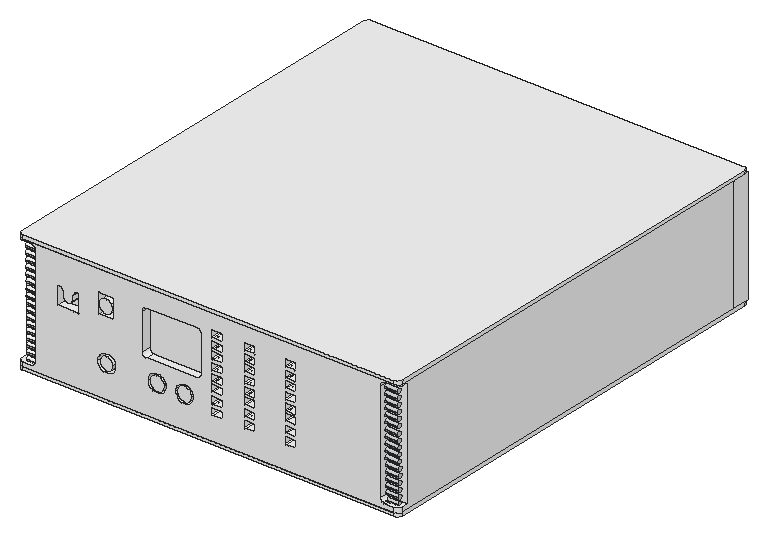
Revit family "RK-MCU", category Electrical Equipment, Revit 2016
Family settings
  Panel Configuration = Two Columns, Circuits Across
  Part Type = Panelboard
  Round Connector Dimension = Use Diameter
  OmniClass Number = 23.80.30.11.17
  OmniClass Title = Distribution Boards and Control Panels
  Work Plane-Based = No
  Always vertical = Yes
  Cut with Voids When Loaded = No
  Shared = No
  Room Calculation Point = No
Parameters
  voltage = "100V/70V"
  Weekly = ""
  Warranty ID = ""
  Type = ""
  Supply Phase = "3"
  Shipping Weight = ""
  Shape = ""
  Set Point Concentration = 0.00 m²
  Responsible Sourcing of Materials = "Endorsing body"
  Responsible Extraction of Materials = ""
  Reference Standard = ""
  Quarterly = ""
  Product Range = ""
  Product Model Number = "Or  Code"
  Product Literature = ""
  Power Source (if required) = ""
  Overall Width = 225 mm
  Overall Length = 240 mm
  Overall Height = 165 mm
  O&M Manual = "External data hyperconnection"
  Number of Poles = "3"
  Monthly = ""
  Material2 = cutout
  Material Ingredient Reporting = ""
  Material = Steel
  Manufacturer Website = "External data hyperconnection"
  Maintenance Required 8001-12000hrs = ""
  Maintenance Required 601-1000hrs = ""
  Maintenance Required 40001-8000hrs = ""
  Maintenance Required 301-600hrs = ""
  Maintenance Required 2001-4000hrs = ""
  Maintenance Required 1001-2000hrs = ""
  Maintenance Required 0-300hrs = ""
  Location of Manufacturer = "Northing,Easting"
  Life Cycle Analysis = "A - E"
  Gross Weight = "2.05Kg"
  Green Guide for Specification = "A - E"
  Frequency = "350 Hz ~ 12 kHz"
  Fire Control Panel Links = yes
  Finish = ""
  Features = "Free text to describe product"
  Expected Life = "*Years"
  Environmental Product Declaration = "3rd Party Verification"
  Energy Technology List = "External data hyperconnection"
  Enclosure Rating = "IP rating"
  Embodied Carbon = "kgCO2"
  Default elevation = 1219.2 mm
  Daily = ""
  Coverage Area = 0.056 m²
  Colour = ""
  CE Approval = "Number, Yes, No"
  Bespoke Timeframe = ""
  Battery Type = "e.g. Alkaline, Lithium Ion Rechargeable"
  Battery Supply = ""
  BMS Links = yes
  Annually = ""
  Access Clearance Top = 0 mm
  Access Clearance Right = 0 mm
  Access Clearance Rear = 0 mm
  Access Clearance Left = 0 mm
  Access Clearance Front = 0 mm
  Access Clearance Bottom = 0 mm
  6 Monthly = ""
Reference planes
  plane 1 "Center (Front/Back)": y = 0
  plane 2: z = 0
  plane 3 "Center (Left/Right)": x = 0
Dimensions and locks
  aligned and locked: level to plane 2
Nested families
  nested 1: "EN54" at (200, -180, 0), type "EN54"
Definition of nested family "EN54"
  Parameters (values of type "EN54")
    Material2 = none
    Material = none
    2 = 133.5 mm
    1 = 420 mm
  Reference planes
    plane 1 "Center (Front/Back)": y = 0
    plane 2: z = 0
    plane 3 "Center (Left/Right)": x = 0
    plane 4: y = 482
    plane 5: z = -133.5
    plane 6: x = -420
  Forms (mm)
    Extrusion 1, solid, material <- "Material2"
      sketch origin (0, 0, 0) x (1, 0, 0) y (0, 1, 0)
        loop
          arc (-420, 5) -> (-418.536, 1.464) -> (-415, 0) r 5
          line (-415, 0) -> (-5, 0)
          arc (-5, 0) -> (-1.464, 1.464) -> (0, 5) r 5
          line (0, 5) -> (0, 462) -> (-20, 462) -> (-20, 20) -> (-400, 20) -> (-400, 462) -> (-420, 462) -> (-420, 5)
      from -130.111 to -3.389
    Extrusion 2, solid, material <- "Material2"
      sketch origin (0, 0, 0) x (1, 0, 0) y (0, 1, 0)
        loop
          line (-5, 482) -> (-415, 482)
          arc (-415, 482) -> (-418.536, 480.536) -> (-420, 477) r 5
          line (-420, 477) -> (-420, 5)
          arc (-420, 5) -> (-418.536, 1.464) -> (-415, 0) r 5
          line (-415, 0) -> (-5, 0)
          arc (-5, 0) -> (-1.464, 1.464) -> (0, 5) r 5
          line (0, 5) -> (0, 477)
          arc (0, 477) -> (-1.464, 480.536) -> (-5, 482) r 5
      from -3.389 to 0
    Extrusion 3, solid, material <- "Material2"
      sketch origin (0, 0, -84.611) x (1, 0, 0) y (0, 1, 0)
        loop
          line (-5, 482) -> (-415, 482)
          arc (-415, 482) -> (-418.536, 480.536) -> (-420, 477) r 5
          line (-420, 477) -> (-420, 5)
          arc (-420, 5) -> (-418.536, 1.464) -> (-415, 0) r 5
          line (-415, 0) -> (-5, 0)
          arc (-5, 0) -> (-1.464, 1.464) -> (0, 5) r 5
          line (0, 5) -> (0, 477)
          arc (0, 477) -> (-1.464, 480.536) -> (-5, 482) r 5
      from -48.889 to -45.5
    Extrusion 4, void
      sketch origin (0, 0, -169.342) x (1, 0, 0) y (0, 0, 1)
        loop
          line (-422.572, 164.342) -> (-422.572, 43.942) -> (-405, 43.942)
          arc (-405, 43.942) -> (-401.464, 45.406) -> (-400, 48.942) r 5
          line (-400, 48.942) -> (-400, 159.342)
          arc (-400, 159.342) -> (-401.464, 162.877) -> (-405, 164.342) r 5
          line (-405, 164.342) -> (-422.572, 164.342)
      from -12.787 to 11.13
    Extrusion 5, void
      sketch origin (-407, 0, -169.342) x (-1, 0, 0) y (0, 0, -1)
        loop
          line (-409.572, -164.342) -> (-392, -164.342)
          arc (-392, -164.342) -> (-388.464, -162.877) -> (-387, -159.342) r 5
          line (-387, -159.342) -> (-387, -48.942)
          arc (-387, -48.942) -> (-388.464, -45.406) -> (-392, -43.942) r 5
          line (-392, -43.942) -> (-409.572, -43.942) -> (-409.572, -164.342)
      from -12.787 to 11.13
    Extrusion 6, solid
      sketch origin (0, -465.718, 0) x (0, 1, 0) y (0, 0, 1)
        loop
          circle (473.025, -55.509) r 2.052
        loop
          circle (473.025, -62.509) r 2.052
        loop
          circle (473.269, -69.505) r 2.052
        loop
          circle (473.269, -76.505) r 2.052
        loop
          circle (473.269, -83.505) r 2.052
        loop
          circle (473.635, -90.495) r 2.052
        loop
          circle (473.635, -97.495) r 2.052
        loop
          circle (473.635, -104.495) r 2.052
        loop
          circle (473.635, -111.495) r 2.052
        loop
          circle (473.635, -118.495) r 2.052
        loop
          circle (473.635, -125.495) r 2.052
        loop
          circle (472.476, -12.89) r 2.052
        loop
          circle (472.476, -19.89) r 2.052
        loop
          circle (472.72, -26.885) r 2.052
        loop
          circle (472.72, -33.885) r 2.052
        loop
          circle (472.72, -40.885) r 2.052
        loop
          circle (473.087, -47.876) r 2.052
      from -20 to -4.979
    Extrusion 7, solid, material <- "Material2"
      sketch origin (0, 0, 0) x (1, 0, 0) y (0, 0, 1)
        loop
          line (0, -3.389) -> (-420, -3.389) -> (-420, -130.111) -> (0, -130.111) -> (0, -3.389)
      from -482 to -462
    Extrusion 8, void
      sketch origin (-478.133, 0, -450.15) x (0, 0, -1) y (1, 0, 0)
        loop
          line (-372.468, 122.859) -> (-383.228, 114.452)
          arc (-383.228, 114.452) -> (-384.644, 112.704) -> (-385.15, 110.512) r 5
          line (-385.15, 110.512) -> (-385.15, 94.334)
          arc (-385.15, 94.334) -> (-384.544, 91.948) -> (-382.873, 90.14) r 5
          line (-382.873, 90.14) -> (-372.113, 83.153)
          arc (-372.113, 83.153) -> (-369.39, 82.346) -> (-366.666, 83.153) r 5
          line (-366.666, 83.153) -> (-355.906, 90.14)
          arc (-355.906, 90.14) -> (-354.235, 91.948) -> (-353.629, 94.334) r 5
          line (-353.629, 94.334) -> (-353.629, 110.512)
          arc (-353.629, 110.512) -> (-354.135, 112.704) -> (-355.551, 114.452) r 5
          line (-355.551, 114.452) -> (-366.311, 122.859)
          arc (-366.311, 122.859) -> (-369.39, 123.919) -> (-372.468, 122.859) r 5
        loop
          line (-360.236, 113.133) -> (-372.118, 113.133) -> (-372.118, 92.525) -> (-359.985, 92.525) -> (-356.521, 95.989) -> (-356.521, 109.418) -> (-360.236, 113.133)
        loop
          line (-373.82, 113.133) -> (-382.333, 113.133) -> (-382.333, 93.133) -> (-373.82, 93.133) -> (-373.82, 113.133)
        loop
          line (-365.984, 110.616) -> (-369.851, 110.616) -> (-369.851, 109.192) -> (-365.984, 109.192) -> (-365.984, 110.616)
        loop
          line (-365.984, 95.616) -> (-369.851, 95.616) -> (-369.851, 94.192) -> (-365.984, 94.192) -> (-365.984, 95.616)
        loop
          line (-358.281, 103.32) -> (-362.148, 103.32) -> (-362.148, 101.895) -> (-358.281, 101.895) -> (-358.281, 103.32)
        loop
          line (-355.807, 113.771) -> (-383.386, 113.771) -> (-383.386, 91.536) -> (-355.807, 91.536) -> (-355.807, 113.771)
      from -490.209 to -470.436
    Extrusion 9, void
      sketch origin (204.473, 0, -249.825) x (1, 0, 0) y (0, 0, 1)
        loop
          line (-346.066, 235.987) -> (-364.473, 235.987) -> (-364.473, 211.828) -> (-346.066, 211.828) -> (-346.066, 235.987)
        loop
          line (-349.606, 232.624) -> (-352.703, 232.624) -> (-352.703, 234.748) -> (-358.278, 234.748) -> (-358.278, 232.624) -> (-361.199, 232.624) -> (-361.199, 225.19) -> (-349.606, 225.19) -> (-349.606, 232.624)
        loop
          line (-349.606, 214.477) -> (-349.606, 221.91) -> (-361.199, 221.91) -> (-361.199, 214.477) -> (-358.278, 214.477) -> (-358.278, 212.353) -> (-352.703, 212.353) -> (-352.703, 214.477) -> (-349.606, 214.477)
        loop
          line (-367.394, 225.19) -> (-384.061, 225.19) -> (-384.061, 210.19) -> (-367.394, 210.19) -> (-367.394, 225.19)
        loop
          line (-369.579, 215.523) -> (-369.579, 222.957) -> (-381.171, 222.957) -> (-381.171, 215.523) -> (-378.251, 215.523) -> (-378.251, 213.4) -> (-372.676, 213.4) -> (-372.676, 215.523) -> (-369.579, 215.523)
      from -490.209 to -470.436
    Extrusion 10, void
      sketch origin (-75.611, 0, -424.107) x (1, 0, 0) y (0, 0, 1)
        loop
          line (-277.472, 312.584) -> (-287.389, 312.584) -> (-287.389, 315.897) -> (-291.002, 315.897) -> (-291.002, 312.584) -> (-310.542, 312.584) -> (-310.542, 315.897) -> (-314.155, 315.897) -> (-314.155, 312.584) -> (-320.037, 312.584) -> (-320.037, 300.049) -> (-277.472, 300.049) -> (-277.472, 312.584)
        loop
          line (-287.892, 301.239) -> (-287.892, 308.411) -> (-289.179, 308.411) -> (-289.179, 311.304) -> (-292.339, 311.304) -> (-292.339, 308.411) -> (-293.978, 308.411) -> (-293.978, 301.239) -> (-287.892, 301.239)
        loop
          line (-295.698, 301.239) -> (-295.698, 308.411) -> (-296.985, 308.411) -> (-296.985, 311.304) -> (-300.145, 311.304) -> (-300.145, 308.411) -> (-301.784, 308.411) -> (-301.784, 301.239) -> (-295.698, 301.239)
        loop
          line (-303.369, 301.239) -> (-303.369, 308.411) -> (-304.657, 308.411) -> (-304.657, 311.304) -> (-307.817, 311.304) -> (-307.817, 308.411) -> (-309.455, 308.411) -> (-309.455, 301.239) -> (-303.369, 301.239)
        loop
          line (-314.155, 308.403) -> (-317.518, 308.403) -> (-317.518, 304.775) -> (-314.155, 304.775) -> (-314.155, 308.403)
        loop
          line (-280.043, 308.147) -> (-283.406, 308.147) -> (-283.406, 304.519) -> (-280.043, 304.519) -> (-280.043, 308.147)
      from -490.209 to -470.436
    Extrusion 11, void
      sketch origin (176.179, 0, -425.019) x (1, 0, 0) y (0, 0, 1)
        loop
          line (-338.93, 311.868) -> (-351.346, 311.868) -> (-351.346, 304.133) -> (-338.93, 304.133) -> (-338.93, 311.868)
        loop
          line (-340.05, 311.054) -> (-350.05, 311.054) -> (-350.05, 305.456) -> (-340.05, 305.456) -> (-340.05, 311.054)
        loop
          line (-342.492, 308.916) -> (-344.324, 308.916) -> (-344.324, 307.085) -> (-342.492, 307.085) -> (-342.492, 308.916)
        loop
          line (-346.257, 308.916) -> (-347.988, 308.916) -> (-347.988, 307.085) -> (-346.257, 307.085) -> (-346.257, 308.916)
      from -490.209 to -470.436
    Extrusion 12, void
      sketch origin (223.7, 0, -133.896) x (1, 0, 0) y (0, 0, 1)
        loop
          line (-317.67, 14) -> (-317.67, 23.396) -> (-321.612, 23.396) -> (-321.612, 26.072) -> (-325.273, 26.072) -> (-325.273, 23.396) -> (-388.7, 23.396) -> (-388.7, 26.072) -> (-392.36, 26.072) -> (-392.36, 23.396) -> (-396.305, 23.396) -> (-396.305, 14) -> (-317.67, 14)
        loop
          line (-368.554, 21.723) -> (-372.597, 21.723) -> (-372.597, 19.586) -> (-371.401, 19.586) -> (-371.401, 15.21) -> (-369.876, 15.21) -> (-369.876, 19.586) -> (-368.554, 19.586) -> (-368.554, 21.723)
        loop
          line (-376.47, 21.723) -> (-380.513, 21.723) -> (-380.513, 19.586) -> (-379.317, 19.586) -> (-379.317, 15.21) -> (-377.793, 15.21) -> (-377.793, 19.586) -> (-376.47, 19.586) -> (-376.47, 21.723)
        loop
          line (-383.554, 21.723) -> (-387.597, 21.723) -> (-387.597, 19.586) -> (-386.401, 19.586) -> (-386.401, 15.21) -> (-384.876, 15.21) -> (-384.876, 19.586) -> (-383.554, 19.586) -> (-383.554, 21.723)
        loop
          line (-390.688, 21.723) -> (-394.731, 21.723) -> (-394.731, 19.586) -> (-393.535, 19.586) -> (-393.535, 15.21) -> (-392.01, 15.21) -> (-392.01, 19.586) -> (-390.688, 19.586) -> (-390.688, 21.723)
        loop
          line (-338.554, 21.723) -> (-342.597, 21.723) -> (-342.597, 19.586) -> (-341.401, 19.586) -> (-341.401, 15.21) -> (-339.876, 15.21) -> (-339.876, 19.586) -> (-338.554, 19.586) -> (-338.554, 21.723)
        loop
          line (-346.47, 21.723) -> (-350.513, 21.723) -> (-350.513, 19.586) -> (-349.317, 19.586) -> (-349.317, 15.21) -> (-347.793, 15.21) -> (-347.793, 19.586) -> (-346.47, 19.586) -> (-346.47, 21.723)
        loop
          line (-353.554, 21.723) -> (-357.597, 21.723) -> (-357.597, 19.586) -> (-356.401, 19.586) -> (-356.401, 15.21) -> (-354.876, 15.21) -> (-354.876, 19.586) -> (-353.554, 19.586) -> (-353.554, 21.723)
        loop
          line (-360.688, 21.723) -> (-364.731, 21.723) -> (-364.731, 19.586) -> (-363.535, 19.586) -> (-363.535, 15.21) -> (-362.01, 15.21) -> (-362.01, 19.586) -> (-360.688, 19.586) -> (-360.688, 21.723)
        loop
          line (-330.157, 21.723) -> (-334.2, 21.723) -> (-334.2, 19.586) -> (-333.005, 19.586) -> (-333.005, 15.21) -> (-331.48, 15.21) -> (-331.48, 19.586) -> (-330.157, 19.586) -> (-330.157, 21.723)
        loop
          line (-320.813, 21.723) -> (-324.856, 21.723) -> (-324.856, 19.586) -> (-323.66, 19.586) -> (-323.66, 15.21) -> (-322.135, 15.21) -> (-322.135, 19.586) -> (-320.813, 19.586) -> (-320.813, 21.723)
        loop
          line (-235.59, 14) -> (-235.59, 23.396) -> (-239.533, 23.396) -> (-239.533, 26.072) -> (-243.193, 26.072) -> (-243.193, 23.396) -> (-306.62, 23.396) -> (-306.62, 26.072) -> (-310.28, 26.072) -> (-310.28, 23.396) -> (-314.226, 23.396) -> (-314.226, 14) -> (-235.59, 14)
        loop
          line (-286.474, 21.723) -> (-290.517, 21.723) -> (-290.517, 19.586) -> (-289.321, 19.586) -> (-289.321, 15.21) -> (-287.797, 15.21) -> (-287.797, 19.586) -> (-286.474, 19.586) -> (-286.474, 21.723)
        loop
          line (-294.391, 21.723) -> (-298.434, 21.723) -> (-298.434, 19.586) -> (-297.238, 19.586) -> (-297.238, 15.21) -> (-295.713, 15.21) -> (-295.713, 19.586) -> (-294.391, 19.586) -> (-294.391, 21.723)
        loop
          line (-301.474, 21.723) -> (-305.517, 21.723) -> (-305.517, 19.586) -> (-304.321, 19.586) -> (-304.321, 15.21) -> (-302.797, 15.21) -> (-302.797, 19.586) -> (-301.474, 19.586) -> (-301.474, 21.723)
        loop
          line (-308.608, 21.723) -> (-312.651, 21.723) -> (-312.651, 19.586) -> (-311.455, 19.586) -> (-311.455, 15.21) -> (-309.931, 15.21) -> (-309.931, 19.586) -> (-308.608, 19.586) -> (-308.608, 21.723)
        loop
          line (-256.474, 21.723) -> (-260.517, 21.723) -> (-260.517, 19.586) -> (-259.321, 19.586) -> (-259.321, 15.21) -> (-257.797, 15.21) -> (-257.797, 19.586) -> (-256.474, 19.586) -> (-256.474, 21.723)
        loop
          line (-264.391, 21.723) -> (-268.434, 21.723) -> (-268.434, 19.586) -> (-267.238, 19.586) -> (-267.238, 15.21) -> (-265.713, 15.21) -> (-265.713, 19.586) -> (-264.391, 19.586) -> (-264.391, 21.723)
        loop
          line (-271.474, 21.723) -> (-275.517, 21.723) -> (-275.517, 19.586) -> (-274.321, 19.586) -> (-274.321, 15.21) -> (-272.797, 15.21) -> (-272.797, 19.586) -> (-271.474, 19.586) -> (-271.474, 21.723)
        loop
          line (-278.608, 21.723) -> (-282.651, 21.723) -> (-282.651, 19.586) -> (-281.455, 19.586) -> (-281.455, 15.21) -> (-279.931, 15.21) -> (-279.931, 19.586) -> (-278.608, 19.586) -> (-278.608, 21.723)
        loop
          line (-248.078, 21.723) -> (-252.121, 21.723) -> (-252.121, 19.586) -> (-250.925, 19.586) -> (-250.925, 15.21) -> (-249.4, 15.21) -> (-249.4, 19.586) -> (-248.078, 19.586) -> (-248.078, 21.723)
        loop
          line (-238.733, 21.723) -> (-242.776, 21.723) -> (-242.776, 19.586) -> (-241.58, 19.586) -> (-241.58, 15.21) -> (-240.056, 15.21) -> (-240.056, 19.586) -> (-238.733, 19.586) -> (-238.733, 21.723)
      from -542.124 to -467.816
    Extrusion 13, void
      sketch origin (142.473, 0, -246.828) x (1, 0, 0) y (0, 0, 1)
        loop
          line (-359.066, 235.987) -> (-377.473, 235.987) -> (-377.473, 211.828) -> (-359.066, 211.828) -> (-359.066, 235.987)
        loop
          line (-362.606, 232.624) -> (-365.703, 232.624) -> (-365.703, 234.748) -> (-371.278, 234.748) -> (-371.278, 232.624) -> (-374.199, 232.624) -> (-374.199, 225.19) -> (-362.606, 225.19) -> (-362.606, 232.624)
        loop
          line (-362.606, 214.477) -> (-362.606, 221.91) -> (-374.199, 221.91) -> (-374.199, 214.477) -> (-371.278, 214.477) -> (-371.278, 212.353) -> (-365.703, 212.353) -> (-365.703, 214.477) -> (-362.606, 214.477)
      from -490.209 to -470.436
    Extrusion 14, void
      sketch origin (329.828, 0, -14.451) x (1, 0, 0) y (0, 0, 1)
        loop
          circle (-345.286, 1.084) r 5
        loop
          circle (-345.286, 1.084) r 2.688
        loop
          circle (-357.92, 1.084) r 5
        loop
          circle (-357.92, 1.084) r 2.688
        loop
          circle (-370.688, 1.084) r 5
        loop
          circle (-370.688, 1.084) r 2.688
        loop
          circle (-345.286, -12.733) r 5
        loop
          circle (-345.286, -12.733) r 2.688
        loop
          circle (-357.92, -12.733) r 5
        loop
          circle (-357.92, -12.733) r 2.688
        loop
          circle (-370.688, -12.733) r 5
        loop
          circle (-370.688, -12.733) r 2.688
        loop
          circle (-385.228, 1.084) r 5
        loop
          circle (-385.228, 1.084) r 2.688
        loop
          circle (-397.996, 1.084) r 5
        loop
          circle (-397.996, 1.084) r 2.688
        loop
          circle (-385.228, -12.733) r 5
        loop
          circle (-385.228, -12.733) r 2.688
        loop
          circle (-397.996, -12.733) r 5
        loop
          circle (-397.996, -12.733) r 2.688
        loop
          circle (-429.753, -5.794) r 10
        loop
          circle (-429.753, -5.794) r 5
      from -490.209 to -470.436
    Extrusion 15, void
      sketch origin (337.824, 0, -275.937) x (1, 0, 0) y (0, 0, 1)
        loop
          line (-351.494, 232.73) -> (-372.824, 232.73) -> (-372.824, 210.937) -> (-351.494, 210.937) -> (-351.494, 232.73)
        loop
          line (-375.452, 232.73) -> (-398.019, 232.73) -> (-398.019, 210.937) -> (-375.452, 210.937) -> (-375.452, 232.73)
        loop
          line (-399.873, 232.73) -> (-436.97, 232.73) -> (-436.97, 210.937) -> (-399.873, 210.937) -> (-399.873, 232.73)
        loop
          line (-354.709, 225.421) -> (-355.656, 225.421) -> (-355.656, 229.44) -> (-356.799, 229.44) -> (-356.799, 225.421) -> (-357.748, 225.421) -> (-357.748, 222.732) -> (-354.709, 222.732) -> (-354.709, 225.421)
        loop
          line (-401.659, 229.339) -> (-403.931, 229.339) -> (-403.931, 226.933) -> (-401.659, 226.933) -> (-401.659, 229.339)
        loop
          line (-405.067, 229.339) -> (-407.339, 229.339) -> (-407.339, 226.933) -> (-405.067, 226.933) -> (-405.067, 229.339)
        loop
          line (-408.074, 229.339) -> (-410.346, 229.339) -> (-410.346, 226.933) -> (-408.074, 226.933) -> (-408.074, 229.339)
        loop
          line (-411.214, 229.339) -> (-413.486, 229.339) -> (-413.486, 226.933) -> (-411.214, 226.933) -> (-411.214, 229.339)
        loop
          line (-414.489, 229.339) -> (-416.761, 229.339) -> (-416.761, 226.933) -> (-414.489, 226.933) -> (-414.489, 229.339)
        loop
          line (-417.228, 229.339) -> (-419.5, 229.339) -> (-419.5, 226.933) -> (-417.228, 226.933) -> (-417.228, 229.339)
        loop
          line (-420.636, 229.339) -> (-422.908, 229.339) -> (-422.908, 226.933) -> (-420.636, 226.933) -> (-420.636, 229.339)
        loop
          line (-423.844, 229.339) -> (-426.116, 229.339) -> (-426.116, 226.933) -> (-423.844, 226.933) -> (-423.844, 229.339)
        loop
          line (-427.458, 229.339) -> (-429.73, 229.339) -> (-429.73, 226.933) -> (-427.458, 226.933) -> (-427.458, 229.339)
        loop
          line (-431.146, 229.339) -> (-433.418, 229.339) -> (-433.418, 226.933) -> (-431.146, 226.933) -> (-431.146, 229.339)
        loop
          line (-401.659, 217.236) -> (-403.931, 217.236) -> (-403.931, 214.83) -> (-401.659, 214.83) -> (-401.659, 217.236)
        loop
          line (-405.067, 217.236) -> (-407.339, 217.236) -> (-407.339, 214.83) -> (-405.067, 214.83) -> (-405.067, 217.236)
        loop
          line (-408.074, 217.236) -> (-410.346, 217.236) -> (-410.346, 214.83) -> (-408.074, 214.83) -> (-408.074, 217.236)
        loop
          line (-411.214, 217.236) -> (-413.486, 217.236) -> (-413.486, 214.83) -> (-411.214, 214.83) -> (-411.214, 217.236)
        loop
          line (-414.489, 217.236) -> (-416.761, 217.236) -> (-416.761, 214.83) -> (-414.489, 214.83) -> (-414.489, 217.236)
        loop
          line (-417.228, 217.236) -> (-419.5, 217.236) -> (-419.5, 214.83) -> (-417.228, 214.83) -> (-417.228, 217.236)
        loop
          line (-420.636, 217.236) -> (-422.908, 217.236) -> (-422.908, 214.83) -> (-420.636, 214.83) -> (-420.636, 217.236)
        loop
          line (-423.844, 217.236) -> (-426.116, 217.236) -> (-426.116, 214.83) -> (-423.844, 214.83) -> (-423.844, 217.236)
        loop
          line (-427.458, 217.236) -> (-429.73, 217.236) -> (-429.73, 214.83) -> (-427.458, 214.83) -> (-427.458, 217.236)
        loop
          line (-431.146, 217.236) -> (-433.418, 217.236) -> (-433.418, 214.83) -> (-431.146, 214.83) -> (-431.146, 217.236)
        loop
          line (-360.953, 225.421) -> (-361.9, 225.421) -> (-361.9, 229.44) -> (-363.042, 229.44) -> (-363.042, 225.421) -> (-363.991, 225.421) -> (-363.991, 222.732) -> (-360.953, 222.732) -> (-360.953, 225.421)
        loop
          line (-366.913, 225.421) -> (-367.86, 225.421) -> (-367.86, 229.44) -> (-369.002, 229.44) -> (-369.002, 225.421) -> (-369.952, 225.421) -> (-369.952, 222.732) -> (-366.913, 222.732) -> (-366.913, 225.421)
        loop
          line (-354.709, 217.591) -> (-354.709, 220.279) -> (-357.748, 220.279) -> (-357.748, 217.591) -> (-356.799, 217.591) -> (-356.799, 213.571) -> (-355.656, 213.571) -> (-355.656, 217.591) -> (-354.709, 217.591)
        loop
          line (-360.953, 217.591) -> (-360.953, 220.279) -> (-363.991, 220.279) -> (-363.991, 217.591) -> (-363.042, 217.591) -> (-363.042, 213.571) -> (-361.9, 213.571) -> (-361.9, 217.591) -> (-360.953, 217.591)
        loop
          line (-366.913, 217.591) -> (-366.913, 220.279) -> (-369.952, 220.279) -> (-369.952, 217.591) -> (-369.002, 217.591) -> (-369.002, 213.571) -> (-367.86, 213.571) -> (-367.86, 217.591) -> (-366.913, 217.591)
        loop
          line (-378.954, 225.421) -> (-379.901, 225.421) -> (-379.901, 229.44) -> (-381.043, 229.44) -> (-381.043, 225.421) -> (-381.993, 225.421) -> (-381.993, 222.732) -> (-378.954, 222.732) -> (-378.954, 225.421)
        loop
          line (-385.197, 225.421) -> (-386.144, 225.421) -> (-386.144, 229.44) -> (-387.287, 229.44) -> (-387.287, 225.421) -> (-388.236, 225.421) -> (-388.236, 222.732) -> (-385.197, 222.732) -> (-385.197, 225.421)
        loop
          line (-391.157, 225.421) -> (-392.104, 225.421) -> (-392.104, 229.44) -> (-393.247, 229.44) -> (-393.247, 225.421) -> (-394.196, 225.421) -> (-394.196, 222.732) -> (-391.157, 222.732) -> (-391.157, 225.421)
        loop
          line (-378.954, 217.591) -> (-378.954, 220.279) -> (-381.993, 220.279) -> (-381.993, 217.591) -> (-381.043, 217.591) -> (-381.043, 213.571) -> (-379.901, 213.571) -> (-379.901, 217.591) -> (-378.954, 217.591)
        loop
          line (-385.197, 217.591) -> (-385.197, 220.279) -> (-388.236, 220.279) -> (-388.236, 217.591) -> (-387.287, 217.591) -> (-387.287, 213.571) -> (-386.144, 213.571) -> (-386.144, 217.591) -> (-385.197, 217.591)
        loop
          line (-391.157, 217.591) -> (-391.157, 220.279) -> (-394.196, 220.279) -> (-394.196, 217.591) -> (-393.247, 217.591) -> (-393.247, 213.571) -> (-392.104, 213.571) -> (-392.104, 217.591) -> (-391.157, 217.591)
        loop
          line (-439.317, 232.73) -> (-460.939, 232.73) -> (-460.939, 210.937) -> (-439.317, 210.937) -> (-439.317, 232.73)
        loop
          line (-441.103, 229.339) -> (-443.375, 229.339) -> (-443.375, 226.933) -> (-441.103, 226.933) -> (-441.103, 229.339)
        loop
          line (-444.511, 229.339) -> (-446.783, 229.339) -> (-446.783, 226.933) -> (-444.511, 226.933) -> (-444.511, 229.339)
        loop
          line (-447.518, 229.339) -> (-449.79, 229.339) -> (-449.79, 226.933) -> (-447.518, 226.933) -> (-447.518, 229.339)
        loop
          line (-450.658, 229.339) -> (-452.93, 229.339) -> (-452.93, 226.933) -> (-450.658, 226.933) -> (-450.658, 229.339)
        loop
          line (-453.933, 229.339) -> (-456.205, 229.339) -> (-456.205, 226.933) -> (-453.933, 226.933) -> (-453.933, 229.339)
        loop
          line (-456.672, 229.339) -> (-458.944, 229.339) -> (-458.944, 226.933) -> (-456.672, 226.933) -> (-456.672, 229.339)
        loop
          line (-441.103, 217.236) -> (-443.375, 217.236) -> (-443.375, 214.83) -> (-441.103, 214.83) -> (-441.103, 217.236)
        loop
          line (-444.511, 217.236) -> (-446.783, 217.236) -> (-446.783, 214.83) -> (-444.511, 214.83) -> (-444.511, 217.236)
        loop
          line (-447.518, 217.236) -> (-449.79, 217.236) -> (-449.79, 214.83) -> (-447.518, 214.83) -> (-447.518, 217.236)
        loop
          line (-450.658, 217.236) -> (-452.93, 217.236) -> (-452.93, 214.83) -> (-450.658, 214.83) -> (-450.658, 217.236)
        loop
          line (-453.933, 217.236) -> (-456.205, 217.236) -> (-456.205, 214.83) -> (-453.933, 214.83) -> (-453.933, 217.236)
        loop
          line (-456.672, 217.236) -> (-458.944, 217.236) -> (-458.944, 214.83) -> (-456.672, 214.83) -> (-456.672, 217.236)
      from -490.209 to -470.436
    Extrusion 16, void
      sketch origin (79.389, 0, -409.353) x (1, 0, 0) y (0, 0, 1)
        loop
          line (-277.472, 312.584) -> (-287.389, 312.584) -> (-287.389, 315.897) -> (-291.002, 315.897) -> (-291.002, 312.584) -> (-310.542, 312.584) -> (-310.542, 315.897) -> (-314.155, 315.897) -> (-314.155, 312.584) -> (-320.037, 312.584) -> (-320.037, 302.894) -> (-277.472, 302.894) -> (-277.472, 312.584)
        loop
          line (-314.155, 308.403) -> (-317.518, 308.403) -> (-317.518, 304.775) -> (-314.155, 304.775) -> (-314.155, 308.403)
        loop
          line (-280.043, 308.147) -> (-283.406, 308.147) -> (-283.406, 304.519) -> (-280.043, 304.519) -> (-280.043, 308.147)
        loop
          line (-287.221, 308.147) -> (-290.584, 308.147) -> (-290.584, 304.519) -> (-287.221, 304.519) -> (-287.221, 308.147)
        loop
          line (-294.194, 308.147) -> (-297.557, 308.147) -> (-297.557, 304.519) -> (-294.194, 304.519) -> (-294.194, 308.147)
        loop
          line (-301.117, 308.147) -> (-304.479, 308.147) -> (-304.479, 304.519) -> (-301.117, 304.519) -> (-301.117, 308.147)
        loop
          line (-307.179, 308.147) -> (-310.542, 308.147) -> (-310.542, 304.519) -> (-307.179, 304.519) -> (-307.179, 308.147)
      from -490.209 to -470.436
    Extrusion 17, void
      sketch origin (79.389, 0, 283.766) x (1, 0, 0) y (0, 0, 1)
        loop
          line (-277.472, -403.584) -> (-277.472, -393.894) -> (-320.037, -393.894) -> (-320.037, -403.584) -> (-314.155, -403.584) -> (-314.155, -406.897) -> (-310.542, -406.897) -> (-310.542, -403.584) -> (-291.002, -403.584) -> (-291.002, -406.897) -> (-287.389, -406.897) -> (-287.389, -403.584) -> (-277.472, -403.584)
        loop
          line (-314.155, -399.403) -> (-314.155, -395.775) -> (-317.518, -395.775) -> (-317.518, -399.403) -> (-314.155, -399.403)
        loop
          line (-280.043, -399.147) -> (-280.043, -395.519) -> (-283.406, -395.519) -> (-283.406, -399.147) -> (-280.043, -399.147)
        loop
          line (-287.221, -399.147) -> (-287.221, -395.519) -> (-290.584, -395.519) -> (-290.584, -399.147) -> (-287.221, -399.147)
        loop
          line (-294.194, -399.147) -> (-294.194, -395.519) -> (-297.557, -395.519) -> (-297.557, -399.147) -> (-294.194, -399.147)
        loop
          line (-301.117, -399.147) -> (-301.117, -395.519) -> (-304.479, -395.519) -> (-304.479, -399.147) -> (-301.117, -399.147)
        loop
          line (-307.179, -399.147) -> (-307.179, -395.519) -> (-310.542, -395.519) -> (-310.542, -399.147) -> (-307.179, -399.147)
      from -490.209 to -470.436
    Extrusion 18, void
      sketch origin (-6.19, 0, -247.495) x (1, 0, 0) y (0, 0, 1)
        loop
          line (-357.124, 236.109) -> (-378.81, 236.109) -> (-378.81, 216.109) -> (-357.124, 216.109) -> (-357.124, 236.109)
        loop
          line (-359.791, 233.799) -> (-377.388, 233.799) -> (-377.388, 218.799) -> (-359.791, 218.799) -> (-359.791, 233.799)
      from -490.209 to -470.436
    Revolve 19, solid, material <- "Material"
      sketch origin (-397.065, -5.752, -63.492) x (0, 1, 0) y (0, 0, 1)
        loop
          line (490.23, -55.86) -> (490.23, -53.527)
          arc (490.23, -53.527) -> (489.816, -52.528) -> (488.816, -52.113) r 1.414
          line (488.816, -52.113) -> (487.717, -52.113) -> (487.18, -54.117) -> (480.23, -54.117) -> (480.23, -55.86) -> (490.23, -55.86)
        axis (490.23, -55.86) -> (480.23, -55.86)
      angle from 0 to 360
    Revolve 20, solid, material <- "Material"
      sketch origin (-397.065, -5.752, -46.815) x (0, 1, 0) y (0, 0, 1)
        loop
          line (490.23, -55.86) -> (490.23, -53.527)
          arc (490.23, -53.527) -> (489.816, -52.528) -> (488.816, -52.113) r 1.414
          line (488.816, -52.113) -> (487.717, -52.113) -> (487.18, -54.117) -> (480.23, -54.117) -> (480.23, -55.86) -> (490.23, -55.86)
        axis (490.23, -55.86) -> (480.23, -55.86)
      angle from 0 to 360
    Extrusion 21, solid, material <- "Material2"
      sketch origin (-420, -465.718, 0) x (0, 1, 0) y (0, 0, -1)
        loop
          circle (473.025, 55.509) r 2.052
        loop
          circle (473.025, 62.509) r 2.052
        loop
          circle (473.269, 69.505) r 2.052
        loop
          circle (473.269, 76.505) r 2.052
        loop
          circle (473.269, 83.505) r 2.052
        loop
          circle (473.635, 90.495) r 2.052
        loop
          circle (473.635, 97.495) r 2.052
        loop
          circle (473.635, 104.495) r 2.052
        loop
          circle (473.635, 111.495) r 2.052
        loop
          circle (473.635, 118.495) r 2.052
        loop
          circle (473.635, 125.495) r 2.052
        loop
          circle (472.476, 12.89) r 2.052
        loop
          circle (472.476, 19.89) r 2.052
        loop
          circle (472.72, 26.885) r 2.052
        loop
          circle (472.72, 33.885) r 2.052
        loop
          circle (472.72, 40.885) r 2.052
        loop
          circle (473.087, 47.876) r 2.052
      from -20 to -4.979
    Extrusion 22, void
      sketch origin (-1.474, -480.323, -158.133) x (1, 0, 0) y (0, 0, 1)
        loop
          line (-374.843, 122.562) -> (-374.843, 102.562) -> (-351.014, 102.562) -> (-351.014, 122.562) -> (-354.985, 122.562) -> (-358.319, 117.801) -> (-358.319, 111.894)
          arc (-358.319, 111.894) -> (-362.928, 108.778) -> (-367.538, 111.894) r 4.968
          line (-367.538, 111.894) -> (-367.538, 117.801) -> (-370.871, 122.562) -> (-374.843, 122.562)
        loop
          line (-329.114, 131.964) -> (-329.114, 109.628) -> (-312.542, 109.628) -> (-312.542, 131.964) -> (-329.114, 131.964)
        loop
          circle (-321.188, 119.896) r 7.29
        loop
          circle (-320.233, 63.877) r 10
        loop
          circle (-320.233, 63.877) r 6.891
        loop
          circle (-264.504, 63.696) r 10
        loop
          circle (-264.504, 63.696) r 7.663
        loop
          circle (-234.504, 63.696) r 10
        loop
          circle (-234.504, 63.696) r 7.663
        loop
          arc (-276.154, 134.561) -> (-279.69, 133.097) -> (-281.154, 129.561) r 5
          line (-281.154, 129.561) -> (-281.154, 89.561)
          arc (-281.154, 89.561) -> (-279.69, 86.026) -> (-276.154, 84.561) r 5
          line (-276.154, 84.561) -> (-221.154, 84.561)
          arc (-221.154, 84.561) -> (-217.619, 86.026) -> (-216.154, 89.561) r 5
          line (-216.154, 89.561) -> (-216.154, 129.561)
          arc (-216.154, 129.561) -> (-217.619, 133.097) -> (-221.154, 134.561) r 5
          line (-221.154, 134.561) -> (-276.154, 134.561)
        loop
          arc (-203.675, 138.217) -> (-204.382, 137.924) -> (-204.675, 137.217) r 1
          line (-204.675, 137.217) -> (-204.675, 131.072)
          arc (-204.675, 131.072) -> (-204.382, 130.365) -> (-203.675, 130.072) r 1
          line (-203.675, 130.072) -> (-193.927, 130.072)
          arc (-193.927, 130.072) -> (-193.22, 130.365) -> (-192.927, 131.072) r 1
          line (-192.927, 131.072) -> (-192.927, 137.217)
          arc (-192.927, 137.217) -> (-193.22, 137.924) -> (-193.927, 138.217) r 1
          line (-193.927, 138.217) -> (-203.675, 138.217)
        loop
          arc (-203.675, 127.041) -> (-204.382, 126.748) -> (-204.675, 126.041) r 1
          line (-204.675, 126.041) -> (-204.675, 119.896)
          arc (-204.675, 119.896) -> (-204.382, 119.189) -> (-203.675, 118.896) r 1
          line (-203.675, 118.896) -> (-193.927, 118.896)
          arc (-193.927, 118.896) -> (-193.22, 119.189) -> (-192.927, 119.896) r 1
          line (-192.927, 119.896) -> (-192.927, 126.041)
          arc (-192.927, 126.041) -> (-193.22, 126.748) -> (-193.927, 127.041) r 1
          line (-193.927, 127.041) -> (-203.675, 127.041)
        loop
          arc (-203.675, 117.041) -> (-204.382, 116.748) -> (-204.675, 116.041) r 1
          line (-204.675, 116.041) -> (-204.675, 109.896)
          arc (-204.675, 109.896) -> (-204.382, 109.189) -> (-203.675, 108.896) r 1
          line (-203.675, 108.896) -> (-193.927, 108.896)
          arc (-193.927, 108.896) -> (-193.22, 109.189) -> (-192.927, 109.896) r 1
          line (-192.927, 109.896) -> (-192.927, 116.041)
          arc (-192.927, 116.041) -> (-193.22, 116.748) -> (-193.927, 117.041) r 1
          line (-193.927, 117.041) -> (-203.675, 117.041)
        loop
          arc (-203.675, 105.786) -> (-204.382, 105.493) -> (-204.675, 104.786) r 1
          line (-204.675, 104.786) -> (-204.675, 98.641)
          arc (-204.675, 98.641) -> (-204.382, 97.934) -> (-203.675, 97.641) r 1
          line (-203.675, 97.641) -> (-193.927, 97.641)
          arc (-193.927, 97.641) -> (-193.22, 97.934) -> (-192.927, 98.641) r 1
          line (-192.927, 98.641) -> (-192.927, 104.786)
          arc (-192.927, 104.786) -> (-193.22, 105.493) -> (-193.927, 105.786) r 1
          line (-193.927, 105.786) -> (-203.675, 105.786)
        loop
          arc (-203.675, 94.618) -> (-204.382, 94.326) -> (-204.675, 93.618) r 1
          line (-204.675, 93.618) -> (-204.675, 87.474)
          arc (-204.675, 87.474) -> (-204.382, 86.767) -> (-203.675, 86.474) r 1
          line (-203.675, 86.474) -> (-193.927, 86.474)
          arc (-193.927, 86.474) -> (-193.22, 86.767) -> (-192.927, 87.474) r 1
          line (-192.927, 87.474) -> (-192.927, 93.618)
          arc (-192.927, 93.618) -> (-193.22, 94.326) -> (-193.927, 94.618) r 1
          line (-193.927, 94.618) -> (-203.675, 94.618)
        loop
          arc (-203.675, 84.618) -> (-204.382, 84.326) -> (-204.675, 83.618) r 1
          line (-204.675, 83.618) -> (-204.675, 77.474)
          arc (-204.675, 77.474) -> (-204.382, 76.767) -> (-203.675, 76.474) r 1
          line (-203.675, 76.474) -> (-193.927, 76.474)
          arc (-193.927, 76.474) -> (-193.22, 76.767) -> (-192.927, 77.474) r 1
          line (-192.927, 77.474) -> (-192.927, 83.618)
          arc (-192.927, 83.618) -> (-193.22, 84.326) -> (-193.927, 84.618) r 1
          line (-193.927, 84.618) -> (-203.675, 84.618)
        loop
          arc (-203.675, 72.643) -> (-204.382, 72.35) -> (-204.675, 71.643) r 1
          line (-204.675, 71.643) -> (-204.675, 65.498)
          arc (-204.675, 65.498) -> (-204.382, 64.791) -> (-203.675, 64.498) r 1
          line (-203.675, 64.498) -> (-193.927, 64.498)
          arc (-193.927, 64.498) -> (-193.22, 64.791) -> (-192.927, 65.498) r 1
          line (-192.927, 65.498) -> (-192.927, 71.643)
          arc (-192.927, 71.643) -> (-193.22, 72.35) -> (-193.927, 72.643) r 1
          line (-193.927, 72.643) -> (-203.675, 72.643)
        loop
          arc (-203.675, 61.475) -> (-204.382, 61.182) -> (-204.675, 60.475) r 1
          line (-204.675, 60.475) -> (-204.675, 54.331)
          arc (-204.675, 54.331) -> (-204.382, 53.623) -> (-203.675, 53.331) r 1
          line (-203.675, 53.331) -> (-193.927, 53.331)
          arc (-193.927, 53.331) -> (-193.22, 53.623) -> (-192.927, 54.331) r 1
          line (-192.927, 54.331) -> (-192.927, 60.475)
          arc (-192.927, 60.475) -> (-193.22, 61.182) -> (-193.927, 61.475) r 1
          line (-193.927, 61.475) -> (-203.675, 61.475)
        loop
          arc (-167.54, 138.217) -> (-168.247, 137.924) -> (-168.54, 137.217) r 1
          line (-168.54, 137.217) -> (-168.54, 131.072)
          arc (-168.54, 131.072) -> (-168.247, 130.365) -> (-167.54, 130.072) r 1
          line (-167.54, 130.072) -> (-157.793, 130.072)
          arc (-157.793, 130.072) -> (-157.086, 130.365) -> (-156.793, 131.072) r 1
          line (-156.793, 131.072) -> (-156.793, 137.217)
          arc (-156.793, 137.217) -> (-157.086, 137.924) -> (-157.793, 138.217) r 1
          line (-157.793, 138.217) -> (-167.54, 138.217)
        loop
          arc (-167.54, 127.041) -> (-168.247, 126.748) -> (-168.54, 126.041) r 1
          line (-168.54, 126.041) -> (-168.54, 119.896)
          arc (-168.54, 119.896) -> (-168.247, 119.189) -> (-167.54, 118.896) r 1
          line (-167.54, 118.896) -> (-157.793, 118.896)
          arc (-157.793, 118.896) -> (-157.086, 119.189) -> (-156.793, 119.896) r 1
          line (-156.793, 119.896) -> (-156.793, 126.041)
          arc (-156.793, 126.041) -> (-157.086, 126.748) -> (-157.793, 127.041) r 1
          line (-157.793, 127.041) -> (-167.54, 127.041)
        loop
          arc (-167.54, 117.041) -> (-168.247, 116.748) -> (-168.54, 116.041) r 1
          line (-168.54, 116.041) -> (-168.54, 109.896)
          arc (-168.54, 109.896) -> (-168.247, 109.189) -> (-167.54, 108.896) r 1
          line (-167.54, 108.896) -> (-157.793, 108.896)
          arc (-157.793, 108.896) -> (-157.086, 109.189) -> (-156.793, 109.896) r 1
          line (-156.793, 109.896) -> (-156.793, 116.041)
          arc (-156.793, 116.041) -> (-157.086, 116.748) -> (-157.793, 117.041) r 1
          line (-157.793, 117.041) -> (-167.54, 117.041)
        loop
          arc (-167.54, 105.786) -> (-168.247, 105.493) -> (-168.54, 104.786) r 1
          line (-168.54, 104.786) -> (-168.54, 98.641)
          arc (-168.54, 98.641) -> (-168.247, 97.934) -> (-167.54, 97.641) r 1
          line (-167.54, 97.641) -> (-157.793, 97.641)
          arc (-157.793, 97.641) -> (-157.086, 97.934) -> (-156.793, 98.641) r 1
          line (-156.793, 98.641) -> (-156.793, 104.786)
          arc (-156.793, 104.786) -> (-157.086, 105.493) -> (-157.793, 105.786) r 1
          line (-157.793, 105.786) -> (-167.54, 105.786)
        loop
          arc (-167.54, 94.618) -> (-168.247, 94.326) -> (-168.54, 93.618) r 1
          line (-168.54, 93.618) -> (-168.54, 87.474)
          arc (-168.54, 87.474) -> (-168.247, 86.767) -> (-167.54, 86.474) r 1
          line (-167.54, 86.474) -> (-157.793, 86.474)
          arc (-157.793, 86.474) -> (-157.086, 86.767) -> (-156.793, 87.474) r 1
          line (-156.793, 87.474) -> (-156.793, 93.618)
          arc (-156.793, 93.618) -> (-157.086, 94.326) -> (-157.793, 94.618) r 1
          line (-157.793, 94.618) -> (-167.54, 94.618)
        loop
          arc (-167.54, 84.618) -> (-168.247, 84.326) -> (-168.54, 83.618) r 1
          line (-168.54, 83.618) -> (-168.54, 77.474)
          arc (-168.54, 77.474) -> (-168.247, 76.767) -> (-167.54, 76.474) r 1
          line (-167.54, 76.474) -> (-157.793, 76.474)
          arc (-157.793, 76.474) -> (-157.086, 76.767) -> (-156.793, 77.474) r 1
          line (-156.793, 77.474) -> (-156.793, 83.618)
          arc (-156.793, 83.618) -> (-157.086, 84.326) -> (-157.793, 84.618) r 1
          line (-157.793, 84.618) -> (-167.54, 84.618)
        loop
          arc (-167.54, 72.643) -> (-168.247, 72.35) -> (-168.54, 71.643) r 1
          line (-168.54, 71.643) -> (-168.54, 65.498)
          arc (-168.54, 65.498) -> (-168.247, 64.791) -> (-167.54, 64.498) r 1
          line (-167.54, 64.498) -> (-157.793, 64.498)
          arc (-157.793, 64.498) -> (-157.086, 64.791) -> (-156.793, 65.498) r 1
          line (-156.793, 65.498) -> (-156.793, 71.643)
          arc (-156.793, 71.643) -> (-157.086, 72.35) -> (-157.793, 72.643) r 1
          line (-157.793, 72.643) -> (-167.54, 72.643)
        loop
          arc (-167.54, 61.475) -> (-168.247, 61.182) -> (-168.54, 60.475) r 1
          line (-168.54, 60.475) -> (-168.54, 54.331)
          arc (-168.54, 54.331) -> (-168.247, 53.623) -> (-167.54, 53.331) r 1
          line (-167.54, 53.331) -> (-157.793, 53.331)
          arc (-157.793, 53.331) -> (-157.086, 53.623) -> (-156.793, 54.331) r 1
          line (-156.793, 54.331) -> (-156.793, 60.475)
          arc (-156.793, 60.475) -> (-157.086, 61.182) -> (-157.793, 61.475) r 1
          line (-157.793, 61.475) -> (-167.54, 61.475)
        loop
          arc (-122.54, 138.217) -> (-123.247, 137.924) -> (-123.54, 137.217) r 1
          line (-123.54, 137.217) -> (-123.54, 131.072)
          arc (-123.54, 131.072) -> (-123.247, 130.365) -> (-122.54, 130.072) r 1
          line (-122.54, 130.072) -> (-112.793, 130.072)
          arc (-112.793, 130.072) -> (-112.086, 130.365) -> (-111.793, 131.072) r 1
          line (-111.793, 131.072) -> (-111.793, 137.217)
          arc (-111.793, 137.217) -> (-112.086, 137.924) -> (-112.793, 138.217) r 1
          line (-112.793, 138.217) -> (-122.54, 138.217)
        loop
          arc (-122.54, 127.041) -> (-123.247, 126.748) -> (-123.54, 126.041) r 1
          line (-123.54, 126.041) -> (-123.54, 119.896)
          arc (-123.54, 119.896) -> (-123.247, 119.189) -> (-122.54, 118.896) r 1
          line (-122.54, 118.896) -> (-112.793, 118.896)
          arc (-112.793, 118.896) -> (-112.086, 119.189) -> (-111.793, 119.896) r 1
          line (-111.793, 119.896) -> (-111.793, 126.041)
          arc (-111.793, 126.041) -> (-112.086, 126.748) -> (-112.793, 127.041) r 1
          line (-112.793, 127.041) -> (-122.54, 127.041)
        loop
          arc (-122.54, 117.041) -> (-123.247, 116.748) -> (-123.54, 116.041) r 1
          line (-123.54, 116.041) -> (-123.54, 109.896)
          arc (-123.54, 109.896) -> (-123.247, 109.189) -> (-122.54, 108.896) r 1
          line (-122.54, 108.896) -> (-112.793, 108.896)
          arc (-112.793, 108.896) -> (-112.086, 109.189) -> (-111.793, 109.896) r 1
          line (-111.793, 109.896) -> (-111.793, 116.041)
          arc (-111.793, 116.041) -> (-112.086, 116.748) -> (-112.793, 117.041) r 1
          line (-112.793, 117.041) -> (-122.54, 117.041)
        loop
          arc (-122.54, 105.786) -> (-123.247, 105.493) -> (-123.54, 104.786) r 1
          line (-123.54, 104.786) -> (-123.54, 98.641)
          arc (-123.54, 98.641) -> (-123.247, 97.934) -> (-122.54, 97.641) r 1
          line (-122.54, 97.641) -> (-112.793, 97.641)
          arc (-112.793, 97.641) -> (-112.086, 97.934) -> (-111.793, 98.641) r 1
          line (-111.793, 98.641) -> (-111.793, 104.786)
          arc (-111.793, 104.786) -> (-112.086, 105.493) -> (-112.793, 105.786) r 1
          line (-112.793, 105.786) -> (-122.54, 105.786)
        loop
          arc (-122.54, 94.618) -> (-123.247, 94.326) -> (-123.54, 93.618) r 1
          line (-123.54, 93.618) -> (-123.54, 87.474)
          arc (-123.54, 87.474) -> (-123.247, 86.767) -> (-122.54, 86.474) r 1
          line (-122.54, 86.474) -> (-112.793, 86.474)
          arc (-112.793, 86.474) -> (-112.086, 86.767) -> (-111.793, 87.474) r 1
          line (-111.793, 87.474) -> (-111.793, 93.618)
          arc (-111.793, 93.618) -> (-112.086, 94.326) -> (-112.793, 94.618) r 1
          line (-112.793, 94.618) -> (-122.54, 94.618)
        loop
          arc (-122.54, 84.618) -> (-123.247, 84.326) -> (-123.54, 83.618) r 1
          line (-123.54, 83.618) -> (-123.54, 77.474)
          arc (-123.54, 77.474) -> (-123.247, 76.767) -> (-122.54, 76.474) r 1
          line (-122.54, 76.474) -> (-112.793, 76.474)
          arc (-112.793, 76.474) -> (-112.086, 76.767) -> (-111.793, 77.474) r 1
          line (-111.793, 77.474) -> (-111.793, 83.618)
          arc (-111.793, 83.618) -> (-112.086, 84.326) -> (-112.793, 84.618) r 1
          line (-112.793, 84.618) -> (-122.54, 84.618)
        loop
          arc (-122.54, 72.643) -> (-123.247, 72.35) -> (-123.54, 71.643) r 1
          line (-123.54, 71.643) -> (-123.54, 65.498)
          arc (-123.54, 65.498) -> (-123.247, 64.791) -> (-122.54, 64.498) r 1
          line (-122.54, 64.498) -> (-112.793, 64.498)
          arc (-112.793, 64.498) -> (-112.086, 64.791) -> (-111.793, 65.498) r 1
          line (-111.793, 65.498) -> (-111.793, 71.643)
          arc (-111.793, 71.643) -> (-112.086, 72.35) -> (-112.793, 72.643) r 1
          line (-112.793, 72.643) -> (-122.54, 72.643)
        loop
          arc (-122.54, 61.475) -> (-123.247, 61.182) -> (-123.54, 60.475) r 1
          line (-123.54, 60.475) -> (-123.54, 54.331)
          arc (-123.54, 54.331) -> (-123.247, 53.623) -> (-122.54, 53.331) r 1
          line (-122.54, 53.331) -> (-112.793, 53.331)
          arc (-112.793, 53.331) -> (-112.086, 53.623) -> (-111.793, 54.331) r 1
          line (-111.793, 54.331) -> (-111.793, 60.475)
          arc (-111.793, 60.475) -> (-112.086, 61.182) -> (-112.793, 61.475) r 1
          line (-112.793, 61.475) -> (-122.54, 61.475)
      from -490.209 to -470.436
    Extrusion 23, void
      sketch origin (78.296, 0, -91.024) x (1, 0, 0) y (0, 0, 1)
        loop
          circle (-365.989, 27.935) r 8.937
        loop
          line (-364.764, 64.852) -> (-364.764, 60.85)
          arc (-364.764, 60.85) -> (-342.923, 51.447) -> (-333.104, 29.79) r 32.937
          line (-333.104, 29.79) -> (-329.098, 29.79)
          arc (-329.098, 29.79) -> (-340.094, 54.276) -> (-364.764, 64.852) r 36.937
        loop
          line (-364.764, 48.837) -> (-364.764, 44.828)
          arc (-364.764, 44.828) -> (-354.238, 40.133) -> (-349.154, 29.79) r 16.937
          line (-349.154, 29.79) -> (-345.134, 29.79)
          arc (-345.134, 29.79) -> (-351.409, 42.962) -> (-364.764, 48.837) r 20.937
        loop
          line (-364.764, 56.847) -> (-364.764, 52.842)
          arc (-364.764, 52.842) -> (-348.58, 45.79) -> (-341.121, 29.79) r 24.937
          line (-341.121, 29.79) -> (-337.111, 29.79)
          arc (-337.111, 29.79) -> (-345.752, 48.619) -> (-364.764, 56.847) r 28.937
        loop
          arc (-368.564, 64.852) -> (-393.234, 54.276) -> (-404.23, 29.79) r 36.937
          line (-404.23, 29.79) -> (-400.224, 29.79)
          arc (-400.224, 29.79) -> (-390.405, 51.447) -> (-368.564, 60.85) r 32.937
          line (-368.564, 60.85) -> (-368.564, 64.852)
        loop
          arc (-368.564, 48.837) -> (-381.919, 42.962) -> (-388.194, 29.79) r 20.937
          line (-388.194, 29.79) -> (-384.175, 29.79)
          arc (-384.175, 29.79) -> (-379.09, 40.133) -> (-368.564, 44.828) r 16.937
          line (-368.564, 44.828) -> (-368.564, 48.837)
        loop
          arc (-368.564, 56.847) -> (-387.577, 48.619) -> (-396.217, 29.79) r 28.937
          line (-396.217, 29.79) -> (-392.207, 29.79)
          arc (-392.207, 29.79) -> (-384.748, 45.79) -> (-368.564, 52.842) r 24.937
          line (-368.564, 52.842) -> (-368.564, 56.847)
        loop
          arc (-364.764, -9.933) -> (-340.094, 0.644) -> (-329.098, 25.13) r 36.937
          line (-329.098, 25.13) -> (-333.104, 25.13)
          arc (-333.104, 25.13) -> (-342.923, 3.472) -> (-364.764, -5.93) r 32.937
          line (-364.764, -5.93) -> (-364.764, -9.933)
        loop
          arc (-364.764, 6.083) -> (-351.409, 11.958) -> (-345.134, 25.13) r 20.937
          line (-345.134, 25.13) -> (-349.154, 25.13)
          arc (-349.154, 25.13) -> (-354.238, 14.786) -> (-364.764, 10.091) r 16.937
          line (-364.764, 10.091) -> (-364.764, 6.083)
        loop
          arc (-364.764, -1.927) -> (-345.752, 6.301) -> (-337.111, 25.13) r 28.937
          line (-337.111, 25.13) -> (-341.121, 25.13)
          arc (-341.121, 25.13) -> (-348.58, 9.129) -> (-364.764, 2.077) r 24.937
          line (-364.764, 2.077) -> (-364.764, -1.927)
        loop
          line (-368.564, -9.933) -> (-368.564, -5.93)
          arc (-368.564, -5.93) -> (-390.405, 3.472) -> (-400.224, 25.13) r 32.937
          line (-400.224, 25.13) -> (-404.23, 25.13)
          arc (-404.23, 25.13) -> (-393.234, 0.644) -> (-368.564, -9.933) r 36.937
        loop
          line (-368.564, 6.083) -> (-368.564, 10.091)
          arc (-368.564, 10.091) -> (-379.09, 14.786) -> (-384.175, 25.13) r 16.937
          line (-384.175, 25.13) -> (-388.194, 25.13)
          arc (-388.194, 25.13) -> (-381.919, 11.958) -> (-368.564, 6.083) r 20.937
        loop
          line (-368.564, -1.927) -> (-368.564, 2.077)
          arc (-368.564, 2.077) -> (-384.748, 9.129) -> (-392.207, 25.13) r 24.937
          line (-392.207, 25.13) -> (-396.217, 25.13)
          arc (-396.217, 25.13) -> (-387.577, 6.301) -> (-368.564, -1.927) r 28.937
      from -490.209 to -470.436
    Extrusion 24, void
      sketch origin (204.473, 0, -301.151) x (1, 0, 0) y (0, 0, 1)
        loop
          line (-346.066, 225.598) -> (-364.473, 225.598) -> (-364.473, 211.828) -> (-346.066, 211.828) -> (-346.066, 225.598)
        loop
          line (-349.606, 215.593) -> (-349.606, 223.026) -> (-361.199, 223.026) -> (-361.199, 215.593) -> (-358.278, 215.593) -> (-358.278, 213.469) -> (-352.703, 213.469) -> (-352.703, 215.593) -> (-349.606, 215.593)
        loop
          line (-367.394, 220.598) -> (-384.061, 220.598) -> (-384.061, 211.828) -> (-367.394, 211.828) -> (-367.394, 220.598)
        loop
          line (-369.022, 216.602) -> (-381.776, 216.602) -> (-379.65, 214.477) -> (-371.148, 214.477) -> (-369.022, 216.602)
      from -490.209 to -470.436
    Extrusion 25, void
      sketch origin (176.189, 0, -272.867) x (1, 0, 0) y (0, 0, 1)
        loop
          line (-392.05, 223.188) -> (-410.457, 223.188) -> (-410.457, 209.418) -> (-392.05, 209.418) -> (-392.05, 223.188)
        loop
          line (-395.59, 213.183) -> (-395.59, 220.617) -> (-407.183, 220.617) -> (-407.183, 213.183) -> (-404.263, 213.183) -> (-404.263, 211.059) -> (-398.687, 211.059) -> (-398.687, 213.183) -> (-395.59, 213.183)
      from -490.209 to -470.436
    Revolve 26, solid, material <- "Material"
      sketch origin (-332.065, -5.752, 31.508) x (0, 1, 0) y (0, 0, 1)
        loop
          line (490.23, -55.86) -> (490.23, -53.527)
          arc (490.23, -53.527) -> (489.816, -52.528) -> (488.816, -52.113) r 1.414
          line (488.816, -52.113) -> (487.717, -52.113) -> (487.18, -54.117) -> (480.23, -54.117) -> (480.23, -55.86) -> (490.23, -55.86)
        axis (490.23, -55.86) -> (480.23, -55.86)
      angle from 0 to 360
    Revolve 27, solid, material <- "Material"
      sketch origin (-252.065, -5.752, 31.508) x (0, 1, 0) y (0, 0, 1)
        loop
          line (490.23, -55.86) -> (490.23, -53.527)
          arc (490.23, -53.527) -> (489.816, -52.528) -> (488.816, -52.113) r 1.414
          line (488.816, -52.113) -> (487.717, -52.113) -> (487.18, -54.117) -> (480.23, -54.117) -> (480.23, -55.86) -> (490.23, -55.86)
        axis (490.23, -55.86) -> (480.23, -55.86)
      angle from 0 to 360
    Revolve 28, solid, material <- "Material"
      sketch origin (-252.065, -5.752, -53.492) x (0, 1, 0) y (0, 0, 1)
        loop
          line (490.23, -55.86) -> (490.23, -53.527)
          arc (490.23, -53.527) -> (489.816, -52.528) -> (488.816, -52.113) r 1.414
          line (488.816, -52.113) -> (487.717, -52.113) -> (487.18, -54.117) -> (480.23, -54.117) -> (480.23, -55.86) -> (490.23, -55.86)
        axis (490.23, -55.86) -> (480.23, -55.86)
      angle from 0 to 360
    Revolve 29, solid, material <- "Material"
      sketch origin (-332.065, -5.752, -53.492) x (0, 1, 0) y (0, 0, 1)
        loop
          line (490.23, -55.86) -> (490.23, -53.527)
          arc (490.23, -53.527) -> (489.816, -52.528) -> (488.816, -52.113) r 1.414
          line (488.816, -52.113) -> (487.717, -52.113) -> (487.18, -54.117) -> (480.23, -54.117) -> (480.23, -55.86) -> (490.23, -55.86)
        axis (490.23, -55.86) -> (480.23, -55.86)
      angle from 0 to 360
    Revolve 30, solid, material <- "Material"
      sketch origin (-83.059, -5.752, 21.754) x (0, 1, 0) y (0, 0, 1)
        loop
          line (490.23, -55.86) -> (490.23, -53.527)
          arc (490.23, -53.527) -> (489.816, -52.528) -> (488.816, -52.113) r 1.414
          line (488.816, -52.113) -> (487.717, -52.113) -> (487.18, -54.117) -> (480.23, -54.117) -> (480.23, -55.86) -> (490.23, -55.86)
        axis (490.23, -55.86) -> (480.23, -55.86)
      angle from 0 to 360
    Revolve 31, solid, material <- "Material"
      sketch origin (-118.059, -5.752, 21.754) x (0, 1, 0) y (0, 0, 1)
        loop
          line (490.23, -55.86) -> (490.23, -53.527)
          arc (490.23, -53.527) -> (489.816, -52.528) -> (488.816, -52.113) r 1.414
          line (488.816, -52.113) -> (487.717, -52.113) -> (487.18, -54.117) -> (480.23, -54.117) -> (480.23, -55.86) -> (490.23, -55.86)
        axis (490.23, -55.86) -> (480.23, -55.86)
      angle from 0 to 360
  Cuts and joins
    Extrusion 4, Extrusion 5, Extrusion 22 cuts Extrusion 1
    Extrusion 8, Extrusion 9, Extrusion 10, Extrusion 11, Extrusion 12, Extrusion 13, Extrusion 14, Extrusion 15, Extrusion 16, Extrusion 17, Extrusion 18, Extrusion 23, Extrusion 24, Extrusion 25 cuts Extrusion 7
  Dimensions and locks
    plane 1 "Center (Front/Back)" to plane 4 = 482 mm
    "1": plane 6 to plane 3 "Center (Left/Right)"
    "2": plane 5 to level
    aligned and locked: level to plane 2
  Automatic sketch dimensions
    Extrusion 1 sketch curve to plane 6 = 0 mm
    plane 1 "Center (Front/Back)" to Extrusion 1 sketch curve = 0 mm
    Extrusion 1 sketch curve to plane 3 "Center (Left/Right)" = 0 mm
    Extrusion 1 sketch curve to plane 1 "Center (Front/Back)" = 5 mm  (x2)
    plane 6 to Extrusion 1 sketch curve = 20 mm
    Extrusion 1 sketch curve to plane 3 "Center (Left/Right)" = 20 mm
    Extrusion 1 sketch curve to plane 1 "Center (Front/Back)" = 20 mm
    plane 4 to Extrusion 1 sketch curve = 20 mm  (x2)
    Extrusion 2 sketch curve to plane 6 = 0 mm
    plane 4 to Extrusion 2 sketch curve = 0 mm
    plane 1 "Center (Front/Back)" to Extrusion 2 sketch curve = 0 mm
    Extrusion 2 sketch curve to plane 3 "Center (Left/Right)" = 0 mm
    plane 6 to Extrusion 2 sketch curve = 5 mm
    Extrusion 2 sketch curve to plane 1 "Center (Front/Back)" = 5 mm
    Extrusion 2 sketch curve to plane 3 "Center (Left/Right)" = 5 mm  (x2)
    Extrusion 3 sketch curve to plane 6 = 0 mm
    plane 4 to Extrusion 3 sketch curve = 0 mm
    plane 1 "Center (Front/Back)" to Extrusion 3 sketch curve = 0 mm
    Extrusion 3 sketch curve to plane 3 "Center (Left/Right)" = 0 mm
    plane 6 to Extrusion 3 sketch curve = 5 mm
    Extrusion 3 sketch curve to plane 1 "Center (Front/Back)" = 5 mm
    Extrusion 3 sketch curve to Extrusion 3 sketch curve = 5 mm
    Extrusion 3 sketch curve to plane 3 "Center (Left/Right)" = 5 mm
    Extrusion 4 sketch curve to plane 6 = 2.572 mm
    Extrusion 4 sketch curve to level = 10 mm
    plane 6 to Extrusion 4 sketch curve = 15 mm  (x2)
    Extrusion 4 sketch curve to Extrusion 4 sketch curve = 5 mm
    plane 5 to Extrusion 4 sketch curve = 13.1 mm
    Extrusion 5 sketch curve to plane 3 "Center (Left/Right)" = 2.572 mm
    level to Extrusion 5 sketch curve = 10 mm
    plane 3 "Center (Left/Right)" to Extrusion 5 sketch curve = 15 mm  (x2)
    Extrusion 5 sketch curve to Extrusion 5 sketch curve = 5 mm
    Extrusion 5 sketch curve to plane 5 = 13.1 mm
    Extrusion 6 sketch curve to plane 1 "Center (Front/Back)" = 6.758 mm  (x2)
    Extrusion 6 sketch curve to plane 1 "Center (Front/Back)" = 7.002 mm
    Extrusion 6 sketch curve to Extrusion 6 sketch curve = 0.244 mm  (x2)
    Extrusion 6 sketch curve to Extrusion 6 sketch curve = 0 mm  (x7)
    Extrusion 6 sketch curve to plane 1 "Center (Front/Back)" = 7.307 mm
    Extrusion 6 sketch curve to Extrusion 6 sketch curve = 0.366 mm  (x2)
    Extrusion 6 sketch curve to plane 1 "Center (Front/Back)" = 7.551 mm
    Extrusion 6 sketch curve to plane 1 "Center (Front/Back)" = 7.917 mm
    plane 5 to Extrusion 6 sketch curve = 8.005 mm
    Extrusion 6 sketch curve to Extrusion 6 sketch curve = 7 mm  (x11)
    Extrusion 6 sketch curve to Extrusion 6 sketch curve = 6.99 mm  (x2)
    Extrusion 6 sketch curve to Extrusion 6 sketch curve = 6.996 mm  (x2)
    Extrusion 6 sketch curve to Extrusion 6 sketch curve = 7.633 mm
    Extrusion 7 sketch curve to plane 6 = 0 mm
    Extrusion 7 sketch curve to plane 3 "Center (Left/Right)" = 0 mm
    plane 5 to Extrusion 7 sketch curve = 3.389 mm
    Extrusion 7 sketch curve to level = 3.389 mm
    Extrusion 8 sketch curve to level = 65 mm
    Extrusion 8 sketch curve to Extrusion 8 sketch curve = 1.763 mm
    Extrusion 8 sketch curve to Extrusion 8 sketch curve = 0.158 mm
    plane 6 to Extrusion 8 sketch curve = 32.008 mm
    Extrusion 8 sketch curve to Extrusion 8 sketch curve = 0.513 mm
    Extrusion 8 sketch curve to Extrusion 8 sketch curve = 1.053 mm
    Extrusion 8 sketch curve to Extrusion 8 sketch curve = 2.183 mm  (x2)
    Extrusion 8 sketch curve to Extrusion 8 sketch curve = 6.329 mm
    Extrusion 8 sketch curve to Extrusion 8 sketch curve = 1.353 mm
    Extrusion 8 sketch curve to Extrusion 8 sketch curve = 1.703 mm
    plane 6 to Extrusion 8 sketch curve = 25.02 mm  (x2)
    Extrusion 8 sketch curve to Extrusion 8 sketch curve = 0.005 mm
    Extrusion 8 sketch curve to Extrusion 8 sketch curve = 2.267 mm  (x2)
    Extrusion 8 sketch curve to Extrusion 8 sketch curve = 2.723 mm
